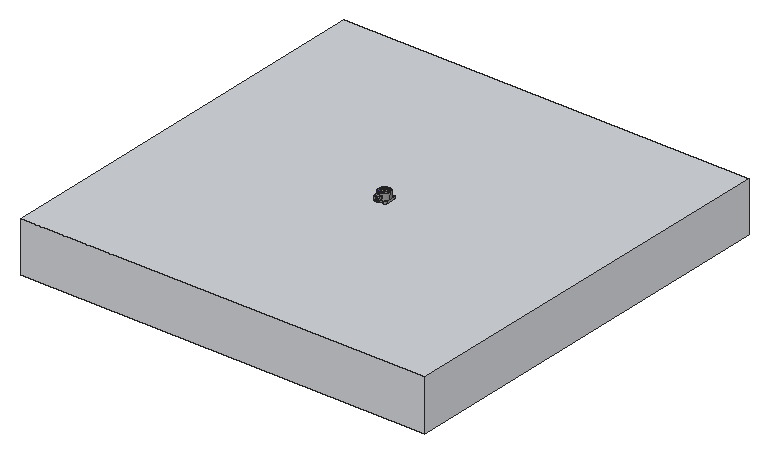
Revit family "Hekatron_Feststellanlagen_THM 425-1_DE_22.01", category Brandmelder, Revit 2018
Family settings
  Basisbauteil = Fläche
  Beschriftungsausrichtung beibehalten = Nein
  Bemaßung runder Anschluss = Durchmesser verwenden
  Teiletyp = Normal
  Beim Laden mit Abzugskörper schneiden = Nein
  Gemeinsam genutzt = Nein
  Raumberechnungspunkt = Nein
Parameters (values of type "THM 425-1")
  Zulässige Umgebungstemperatur = "0 °C bis +50 °C"
  Zulässige Luftgeschwindigkeit = ""
  Zulassungen nach EN 54 = ""
  Width [instance] = 75 mm
  Version des BIM Objektes = "22.01"
  VdS-Anerkennung = ""
  URL = "https://www.hekatron-brandschutz.de"
  UB A&S Artikel Nummer = "6500020"
  Typenkommentare = "Türhaftmagnet THM 425-1"
  Tiefe (mm) = "75.0"
  Stromaufnahme = "max. 63mA"
  Schutzart = "IP 40"
  Rauchteil einstellbar = ""
  Nettogewicht (g) = ""
  Montageart = "Aufputz"
  Modell = "THM 425-1"
  Material = "Metall"
  Link zum Datenblatt = ""
  Link zu ausschreiben.de = "http://www.ausschreiben.de/katalog/Hekatron/position/62"
  Link zu Produktinformation = "https://www.hekatron-planungstools.de/Produktinfo/THM_425-1.PDF"
  Link zu Ausschreibungstext = "https://www.meinhplus.de/login"
  Leistungserklärung (DoP) = "CPR-31-13-501-de-en"
  Lautstärke DIN-Ton (dB) = ""
  Kabeleinführung = "unten"
  Höhe (mm) = "97.0"
  Hersteller = "Hekatron"
  Heigth [instance] = 97.1 mm
  Funktionsprinzip = ""
  Farbe = "Metall / Schwarz"
  Ex-Zonen = ""
  Einstellung Temperaturklasse nach EN 54-5 = ""
  Einstellung Temperaturindex nach EN 54-5 = ""
  Einstellung Rauchempfindlichkeit nach EN 54-20 = ""
  Einstellen Rauchempfindlichkeit nach EN 54-7 = ""
  EG-Konformitätszertifikat / Zertifikat der Leistungsbeständigkeit = "0786-CPR-21370"
  Durchmesser (mm) = ""
  Depth [instance] = 43.3 mm
  Vorgabe-Ansicht = 1200 mm
  Breite (mm) = "43.0"
  Betriebsspannung = "24 V DC"
  Beschreibung = "Türhaftmagnet in runder Bauform mit verdeckten Anschlussklemmen. Mit Verpolschutz und Löschdiode. Passend zur Ankerplatte ASS 75."
  Bauartgenehmigungen = "Z-6.500-2405, Z-6.500-2325, Z-6.500-2359, Z-6.500-2393, Z-6.500-2394, Z-6.500-2414, Z-6.500-2415, Z-6.500-2407, Z-6.500-2365, Z-6.500-2403, Z-6.500-2419, Z-6.500-2298, Z-6.500-2442, Z-6.500-2444, Z-6.500-2451, Z-6.500-2452, Z-6.500-2454, Z-6.500-2459, Z-6.500-2499, Z-6.500-2515"
  Anzahl Ansaugleitungen = ""
  Ansprechtemperatur = ""
  Alarm- & Empfindlichkeitsbereich = ""
Reference planes
  plane 1 "Center (Front/Back)": y = 0
  plane 2: z = 0
  plane 3 "Center (Left/Right)": x = 0
Forms (mm)
  Extrusion 1, solid
    sketch origin (0, 0, 0) x (1, 0, 0) y (0, 1, 0)
      loop
        line (-1219.2, 1219.2) -> (-1219.2, -1219.2) -> (1219.2, -1219.2) -> (1219.2, 1219.2) -> (-1219.2, 1219.2)
    from 0 to -304.8
  Extrusion 2, solid, material "Steel, Carbon"
    sketch origin (0, 0, 0) x (1, 0, 0) y (0, 1, 0)
      loop
        arc (-30, 37.5) -> (-35.303, 35.303) -> (-37.5, 30) r 7.5
        line (-37.5, 30) -> (-37.5, -30)
        arc (-37.5, -30) -> (-35.303, -35.303) -> (-30, -37.5) r 7.5
        line (-30, -37.5) -> (30, -37.5)
        arc (30, -37.5) -> (35.303, -35.303) -> (37.5, -30) r 7.5
        line (37.5, -30) -> (37.5, 30)
        arc (37.5, 30) -> (35.303, 35.303) -> (30, 37.5) r 7.5
        line (30, 37.5) -> (-30, 37.5)
      loop
        circle (0, 0) r 13
      loop
        circle (-30, 30) r 2.75
      loop
        circle (30, 30) r 2.75
      loop
        circle (-30, -30) r 2.75
      loop
        circle (30, -30) r 2.75
      loop
        circle (-19.053, 11) r 2.25
      loop
        circle (19.053, 11) r 2.25
      loop
        circle (0, -22) r 2.25
      loop
        circle (0, 28) r 2.25
      loop
        circle (-24.249, -14) r 2.25
      loop
        circle (24.249, -14) r 2.25
    from 0.8 to 8
  Extrusion 3, solid, material "Steel, Carbon"
    sketch origin (0, 0, 0) x (1, 0, 0) y (0, 1, 0)
      loop
        arc (-24.7, 24.693) -> (-24.983, 35.575) -> (-35.834, 34.713) r 7.5
        arc (-35.834, 34.713) -> (-35.017, 24.425) -> (-24.7, 24.693) r 7.5
      loop
        circle (-30, 30) r 2.75
      loop
        arc (24.7, 24.693) -> (35.017, 24.425) -> (35.834, 34.713) r 7.5
        arc (35.834, 34.713) -> (24.983, 35.575) -> (24.7, 24.693) r 7.5
      loop
        circle (30, 30) r 2.75
      loop
        arc (-24.7, -24.693) -> (-35.017, -24.425) -> (-35.834, -34.713) r 7.5
        arc (-35.834, -34.713) -> (-24.983, -35.575) -> (-24.7, -24.693) r 7.5
      loop
        circle (-30, -30) r 2.75
      loop
        arc (24.7, -24.693) -> (24.983, -35.575) -> (35.834, -34.713) r 7.5
        arc (35.834, -34.713) -> (35.017, -24.425) -> (24.7, -24.693) r 7.5
      loop
        circle (30, -30) r 2.75
    from 0 to 0.8
  Extrusion 4, void
    sketch origin (0, 0, 0) x (1, 0, 0) y (0, 1, 0)
      loop
        arc (-22.959, 27.416) -> (-23.028, 25.911) -> (-22.219, 24.639) r 2.5
        line (-22.219, 24.639) -> (-16.095, 19.5)
        arc (-16.095, 19.5) -> (-13.003, 17.664) -> (-10.877, 14.764) r 9
        arc (-10.877, 14.764) -> (-9.394, 13.436) -> (-7.411, 13.613) r 2.5
        arc (-7.411, 13.613) -> (-6.518, 14.063) -> (-5.597, 14.454) r 15.5
        arc (-5.597, 14.454) -> (-4.438, 15.372) -> (-4, 16.785) r 2.5
        line (-4, 16.785) -> (-4, 18.513)
        arc (-4, 18.513) -> (-4.288, 19.679) -> (-5.087, 20.576) r 2.5
        arc (-5.087, 20.576) -> (-8.298, 24.515) -> (-8.863, 29.565) r 9
        arc (-8.863, 29.565) -> (-9.409, 31.607) -> (-11.325, 32.5) r 2.5
        line (-11.325, 32.5) -> (-20, 32.5)
        arc (-20, 32.5) -> (-21.768, 31.768) -> (-22.5, 30) r 2.5
        arc (-22.5, 30) -> (-22.616, 28.688) -> (-22.959, 27.416) r 7.5
      loop
        arc (-30, 22.5) -> (-31.768, 21.768) -> (-32.5, 20) r 2.5
        line (-32.5, 20) -> (-32.5, -4.041)
        arc (-32.5, -4.041) -> (-31.25, -6.207) -> (-28.75, -6.206) r 2.5
        arc (-28.75, -6.206) -> (-24.363, -5.001) -> (-19.947, -6.094) r 9
        arc (-19.947, -6.094) -> (-18.721, -6.398) -> (-17.502, -6.064) r 2.5
        line (-17.502, -6.064) -> (-16.447, -5.454)
        arc (-16.447, -5.454) -> (-15.426, -4.335) -> (-15.239, -2.832) r 2.5
        arc (-15.239, -2.832) -> (-15.416, -1.616) -> (-15.495, -0.389) r 15.5
        arc (-15.495, -0.389) -> (-16.333, 1.417) -> (-18.224, 2.038) r 2.5
        arc (-18.224, 2.038) -> (-25.117, 4.35) -> (-28.053, 11) r 9
        arc (-28.053, 11) -> (-27.381, 14.412) -> (-25.466, 17.314) r 9
        arc (-25.466, 17.314) -> (-24.934, 18.12) -> (-24.748, 19.068) r 2.5
        arc (-24.748, 19.068) -> (-24.982, 20.125) -> (-25.641, 20.983) r 2.5
        line (-25.641, 20.983) -> (-26.887, 22.029)
        arc (-26.887, 22.029) -> (-27.819, 22.521) -> (-28.871, 22.586) r 2.5
        arc (-28.871, 22.586) -> (-29.434, 22.521) -> (-30, 22.5) r 7.5
      loop
        arc (-22.987, -22.911) -> (-24.151, -23.508) -> (-24.697, -24.697) r 2
        arc (-24.697, -24.697) -> (-23.071, -27.13) -> (-22.5, -30) r 7.5
        arc (-22.5, -30) -> (-21.768, -31.768) -> (-20, -32.5) r 2.5
        line (-20, -32.5) -> (-7.986, -32.5)
        arc (-7.986, -32.5) -> (-6.313, -31.858) -> (-5.5, -30.261) r 2.5
        arc (-5.5, -30.261) -> (-5.698, -29.286) -> (-6.261, -28.465) r 2.5
        arc (-6.261, -28.465) -> (-8.287, -25.511) -> (-9, -22) r 9
        arc (-9, -22) -> (-8.577, -19.273) -> (-7.347, -16.802) r 9
        arc (-7.347, -16.802) -> (-7.005, -16.116) -> (-6.888, -15.358) r 2.5
        arc (-6.888, -15.358) -> (-7.207, -14.135) -> (-8.084, -13.225) r 2.5
        arc (-8.084, -13.225) -> (-9.107, -12.543) -> (-10.072, -11.781) r 15.5
        arc (-10.072, -11.781) -> (-11.468, -11.192) -> (-12.947, -11.516) r 2.5
        line (-12.947, -11.516) -> (-14.002, -12.126)
        arc (-14.002, -12.126) -> (-14.901, -13.014) -> (-15.252, -14.228) r 2.5
        arc (-15.252, -14.228) -> (-17.528, -19.986) -> (-22.987, -22.911) r 9
      loop
        arc (22.959, 27.416) -> (22.616, 28.688) -> (22.5, 30) r 7.5
        arc (22.5, 30) -> (21.768, 31.768) -> (20, 32.5) r 2.5
        line (20, 32.5) -> (11.325, 32.5)
        arc (11.325, 32.5) -> (9.409, 31.607) -> (8.863, 29.565) r 2.5
        arc (8.863, 29.565) -> (8.298, 24.515) -> (5.087, 20.576) r 9
        arc (5.087, 20.576) -> (4.288, 19.679) -> (4, 18.513) r 2.5
        line (4, 18.513) -> (4, 16.785)
        arc (4, 16.785) -> (4.438, 15.372) -> (5.597, 14.454) r 2.5
        arc (5.597, 14.454) -> (6.518, 14.063) -> (7.411, 13.613) r 15.5
        arc (7.411, 13.613) -> (9.394, 13.436) -> (10.877, 14.764) r 2.5
        arc (10.877, 14.764) -> (13.003, 17.664) -> (16.095, 19.5) r 9
        line (16.095, 19.5) -> (22.219, 24.639)
        arc (22.219, 24.639) -> (23.028, 25.911) -> (22.959, 27.416) r 2.5
      loop
        arc (30, 22.5) -> (29.434, 22.521) -> (28.871, 22.586) r 7.5
        arc (28.871, 22.586) -> (27.819, 22.521) -> (26.887, 22.029) r 2.5
        line (26.887, 22.029) -> (25.641, 20.983)
        arc (25.641, 20.983) -> (24.982, 20.125) -> (24.748, 19.068) r 2.5
        arc (24.748, 19.068) -> (24.934, 18.12) -> (25.466, 17.314) r 2.5
        arc (25.466, 17.314) -> (27.381, 14.412) -> (28.053, 11) r 9
        arc (28.053, 11) -> (25.117, 4.35) -> (18.224, 2.038) r 9
        arc (18.224, 2.038) -> (16.333, 1.417) -> (15.495, -0.389) r 2.5
        arc (15.495, -0.389) -> (15.416, -1.616) -> (15.239, -2.832) r 15.5
        arc (15.239, -2.832) -> (15.426, -4.335) -> (16.447, -5.454) r 2.5
        line (16.447, -5.454) -> (17.502, -6.064)
        arc (17.502, -6.064) -> (18.721, -6.398) -> (19.947, -6.094) r 2.5
        arc (19.947, -6.094) -> (24.363, -5.001) -> (28.75, -6.206) r 9
        arc (28.75, -6.206) -> (31.25, -6.207) -> (32.5, -4.041) r 2.5
        line (32.5, -4.041) -> (32.5, 20)
        arc (32.5, 20) -> (31.768, 21.768) -> (30, 22.5) r 2.5
      loop
        arc (22.987, -22.911) -> (17.528, -19.986) -> (15.252, -14.228) r 9
        arc (15.252, -14.228) -> (14.901, -13.014) -> (14.002, -12.126) r 2.5
        line (14.002, -12.126) -> (12.947, -11.516)
        arc (12.947, -11.516) -> (11.468, -11.192) -> (10.072, -11.781) r 2.5
        arc (10.072, -11.781) -> (9.107, -12.543) -> (8.084, -13.225) r 15.5
        arc (8.084, -13.225) -> (7.207, -14.135) -> (6.888, -15.358) r 2.5
        arc (6.888, -15.358) -> (7.005, -16.116) -> (7.347, -16.802) r 2.5
        arc (7.347, -16.802) -> (8.577, -19.273) -> (9, -22) r 9
        arc (9, -22) -> (8.287, -25.511) -> (6.261, -28.465) r 9
        arc (6.261, -28.465) -> (5.698, -29.286) -> (5.5, -30.261) r 2.5
        arc (5.5, -30.261) -> (6.313, -31.858) -> (7.986, -32.5) r 2.5
        line (7.986, -32.5) -> (20, -32.5)
        arc (20, -32.5) -> (21.768, -31.768) -> (22.5, -30) r 2.5
        arc (22.5, -30) -> (23.071, -27.13) -> (24.697, -24.697) r 7.5
        arc (24.697, -24.697) -> (24.151, -23.508) -> (22.987, -22.911) r 2
    from 0 to 3
  Blend 5, void
    base sketch origin (0, 0, 0) x (1, 0, 0) y (0, 1, 0)
      loop
        circle (-30, 30) r 5.25
    top sketch origin (0, 0, 0) x (1, 0, 0) y (0, 1, 0)
      loop
        circle (-30, 30) r 2.75
    from 8 to 5.5
  Blend 6, void
    base sketch origin (0, 0, 0) x (-1, 0, 0) y (0, -1, 0)
      loop
        circle (-30, -30) r 5.25
    top sketch origin (0, 0, 0) x (-1, 0, 0) y (0, -1, 0)
      loop
        circle (-30, -30) r 2.75
    from 8 to 5.5
  Blend 7, void
    base sketch origin (0, 0, 0) x (1, 0, 0) y (0, 1, 0)
      loop
        circle (-30, -30) r 5.25
    top sketch origin (0, 0, 0) x (1, 0, 0) y (0, 1, 0)
      loop
        circle (-30, -30) r 2.75
    from 8 to 5.5
  Blend 8, void
    base sketch origin (0, 0, 0) x (-1, 0, 0) y (0, -1, 0)
      loop
        circle (-30, 30) r 5.25
    top sketch origin (0, 0, 0) x (-1, 0, 0) y (0, -1, 0)
      loop
        circle (-30, 30) r 2.75
    from 8 to 5.5
  Blend 9, void
    base sketch origin (19.053, -33, 0) x (1, 0, 0) y (0, 1, 0)
      loop
        circle (-19.053, 11) r 4.35
    top sketch origin (19.053, -33, 0) x (1, 0, 0) y (0, 1, 0)
      loop
        circle (-19.053, 11) r 2.25
    from 0.8 to 2.9
  Blend 10, void
    base sketch origin (0, 0, 0) x (-1, 0, 0) y (0, -1, 0)
      loop
        circle (-19.053, -11) r 4.35
    top sketch origin (0, 0, 0) x (-1, 0, 0) y (0, -1, 0)
      loop
        circle (-19.053, -11) r 2.25
    from 0.8 to 2.9
  Blend 11, void
    base sketch origin (0, 0, 0) x (1, 0, 0) y (0, 1, 0)
      loop
        circle (-19.053, 11) r 4.35
    top sketch origin (0, 0, 0) x (1, 0, 0) y (0, 1, 0)
      loop
        circle (-19.053, 11) r 2.25
    from 0.8 to 2.9
  Extrusion 12, solid, material "Stainless Steel"
    sketch origin (0, 0, 0) x (1, 0, 0) y (0, 1, 0)
      loop
        circle (0, 0) r 35
      loop
        circle (0, 0) r 30
    from 8 to 43.1
  Extrusion 13, solid, material "Neodymium"
    sketch origin (0, 0, 0) x (1, 0, 0) y (0, 1, 0)
      loop
        circle (0, 0) r 30
      loop
        circle (0, 0) r 18.25
    from 8 to 42.6
  Extrusion 14, solid, material "Silver"
    sketch origin (0, 0, 0) x (1, 0, 0) y (0, 1, 0)
      loop
        circle (0, 0) r 18.25
    from 8 to 43.1
  Extrusion 15, solid, material "Brass, Soft Yellow"
    sketch origin (0, 0, 0) x (1, 0, 0) y (0, 1, 0)
      loop
        circle (0, 0) r 2.45
    from 42.6 to 43.3
  Blend 16, void
    base sketch origin (19.053, 17, 0) x (1, 0, 0) y (0, 1, 0)
      loop
        circle (-19.053, 11) r 4.35
    top sketch origin (19.053, 17, 0) x (1, 0, 0) y (0, 1, 0)
      loop
        circle (-19.053, 11) r 2.25
    from 0.8 to 2.9
  Blend 17, void
    base sketch origin (-5.196, -25, 0) x (1, 0, 0) y (0, 1, 0)
      loop
        circle (-19.053, 11) r 4.35
    top sketch origin (-5.196, -25, 0) x (1, 0, 0) y (0, 1, 0)
      loop
        circle (-19.053, 11) r 2.25
    from 0.8 to 2.9
  Blend 18, void
    base sketch origin (5.196, -25, 0) x (-1, 0, 0) y (0, -1, 0)
      loop
        circle (-19.053, -11) r 4.35
    top sketch origin (5.196, -25, 0) x (-1, 0, 0) y (0, -1, 0)
      loop
        circle (-19.053, -11) r 2.25
    from 0.8 to 2.9
  Extrusion 19, void
    sketch origin (0, 0, 0) x (1, 0, 0) y (0, 1, 0)
      loop
        circle (0, 0) r 3.45
    from 0 to 17.3
  Extrusion 20, void
    sketch origin (0, 0, 0) x (1, 0, 0) y (0, 1, 0)
      loop
        circle (0, 0) r 3.08
    from 42.6 to 47.871
  Extrusion 21, solid, material "Stainless Steel"
    sketch origin (0, 0, 0) x (1, 0, 0) y (0, 1, 0)
      loop
        arc (-21.114, 28.227) -> (-35.25, 0) -> (-21.114, -28.227) r 35.25
        line (-21.114, -28.227) -> (-20.635, -27.586)
        arc (-20.635, -27.586) -> (-34.45, 0) -> (-20.635, 27.586) r 34.45
        line (-20.635, 27.586) -> (-21.114, 28.227)
    from 16.6 to 35.6
  Extrusion 22, solid, material "Stainless Steel"
    sketch origin (0, 0, 0) x (1, 0, 0) y (0, 0, 1)
      loop
        line (-17, 32.2) -> (-17, 17.2)
        arc (-17, 17.2) -> (-16.121, 15.079) -> (-14, 14.2) r 3
        line (-14, 14.2) -> (9.5, 14.2)
        arc (9.5, 14.2) -> (11.621, 15.079) -> (12.5, 17.2) r 3
        line (12.5, 17.2) -> (12.5, 32.2)
        arc (12.5, 32.2) -> (11.621, 34.321) -> (9.5, 35.2) r 3
        line (9.5, 35.2) -> (-14, 35.2)
        arc (-14, 35.2) -> (-16.121, 34.321) -> (-17, 32.2) r 3
    from 30.261 to 40
  Extrusion 23, void
    sketch origin (0, 0, 0) x (1, 0, 0) y (0, 1, 0)
      loop
        circle (0, 0) r 35
      loop
        circle (0, 0) r 30
    from 8 to 43.1
  Extrusion 24, solid, material "PC/ABS Plastic"
    sketch origin (0, 0, 0) x (1, 0, 0) y (0, 0, 1)
      loop
        arc (-15, 35.7) -> (-16.768, 34.968) -> (-17.5, 33.2) r 2.5
        line (-17.5, 33.2) -> (-17.5, 16.2)
        arc (-17.5, 16.2) -> (-16.768, 14.432) -> (-15, 13.7) r 2.5
        line (-15, 13.7) -> (10.5, 13.7)
        arc (10.5, 13.7) -> (12.268, 14.432) -> (13, 16.2) r 2.5
        line (13, 16.2) -> (13, 33.2)
        arc (13, 33.2) -> (12.268, 34.968) -> (10.5, 35.7) r 2.5
        line (10.5, 35.7) -> (-15, 35.7)
    from 40 to 59.3
  Sweep 25, void
    path in 3D
      loop
        arc (-17.5, -59.3, 16.2) -> (-16.768, -59.3, 14.432) -> (-15, -59.3, 13.7) r 2.5
        line (-15, -59.3, 13.7) -> (10.5, -59.3, 13.7)
        arc (10.5, -59.3, 13.7) -> (12.268, -59.3, 14.432) -> (13, -59.3, 16.2) r 2.5
        line (13, -59.3, 16.2) -> (13, -59.3, 33.2)
        arc (13, -59.3, 33.2) -> (12.268, -59.3, 34.968) -> (10.5, -59.3, 35.7) r 2.5
        line (10.5, -59.3, 35.7) -> (-15, -59.3, 35.7)
        arc (-15, -59.3, 35.7) -> (-16.768, -59.3, 34.968) -> (-17.5, -59.3, 33.2) r 2.5
        line (-17.5, -59.3, 33.2) -> (-17.5, -59.3, 16.2)
    profile origin (-17.5, -59.3, 24.7) x (-1, 0, 0) y (0, -1, 0)
      loop
        line (0, -2.4) -> (0, 0) -> (-2.4, 0)
        arc (-2.4, 0) -> (-0.703, -0.703) -> (0, -2.4) r 2.4
  Extrusion 26, void
    sketch origin (0, 0, 0) x (0, 1, 0) y (0, 0, 1)
      loop
        arc (-44, 31.7) -> (-46, 29.7) -> (-44, 27.7) r 2
        line (-44, 27.7) -> (-41.5, 27.7)
        arc (-41.5, 27.7) -> (-40.439, 27.261) -> (-40, 26.2) r 1.5
        line (-40, 26.2) -> (-40, 33.2)
        arc (-40, 33.2) -> (-40.439, 32.139) -> (-41.5, 31.7) r 1.5
        line (-41.5, 31.7) -> (-44, 31.7)
      loop
        arc (-44, 21.7) -> (-46, 19.7) -> (-44, 17.7) r 2
        line (-44, 17.7) -> (-41.5, 17.7)
        arc (-41.5, 17.7) -> (-40.439, 17.261) -> (-40, 16.2) r 1.5
        line (-40, 16.2) -> (-40, 23.2)
        arc (-40, 23.2) -> (-40.439, 22.139) -> (-41.5, 21.7) r 1.5
        line (-41.5, 21.7) -> (-44, 21.7)
    from 11 to 23.179
  Extrusion 27, solid, material "Stainless Steel"
    sketch origin (0, 0, 0) x (1, 0, 0) y (0, 0, 1)
      loop
        line (9.5, 33.7) -> (-0.5, 33.7)
        arc (-0.5, 33.7) -> (-1.207, 33.407) -> (-1.5, 32.7) r 1
        line (-1.5, 32.7) -> (-1.5, 16.7)
        arc (-1.5, 16.7) -> (-1.207, 15.993) -> (-0.5, 15.7) r 1
        line (-0.5, 15.7) -> (9.5, 15.7)
        arc (9.5, 15.7) -> (10.207, 15.993) -> (10.5, 16.7) r 1
        line (10.5, 16.7) -> (10.5, 32.7)
        arc (10.5, 32.7) -> (10.207, 33.407) -> (9.5, 33.7) r 1
    from 59.3 to 59.6
  Blend 28, solid, material "Stainless Steel"
    base sketch origin (0, 0, 0) x (1, 0, 0) y (0, 1, 0)
      loop
        circle (0, 28) r 4.15
    top sketch origin (0, 0, 0) x (1, 0, 0) y (0, 1, 0)
      loop
        circle (0, 28) r 2.05
    from 0.8 to 2.9
  Extrusion 29, void
    sketch origin (0, 0, 0) x (1, 0, 0) y (0, 1, 0)
      loop
        line (0.515, 30.2) -> (-0.515, 30.2) -> (-0.515, 28.515) -> (-2.2, 28.515) -> (-2.2, 27.485) -> (-0.515, 27.485) -> (-0.515, 25.8) -> (0.515, 25.8) -> (0.515, 27.485) -> (2.2, 27.485) -> (2.2, 28.515) -> (0.515, 28.515) -> (0.515, 30.2)
    from 0 to 1.8
  Blend 30, solid, material "Stainless Steel"
    base sketch origin (-24.249, -42, 0) x (1, 0, 0) y (0, 1, 0)
      loop
        circle (0, 28) r 4.15
    top sketch origin (-24.249, -42, 0) x (1, 0, 0) y (0, 1, 0)
      loop
        circle (0, 28) r 2.05
    from 0.8 to 2.9
  Extrusion 31, void
    sketch origin (-24.249, -42, 0) x (1, 0, 0) y (0, 1, 0)
      loop
        line (0.515, 30.2) -> (-0.515, 30.2) -> (-0.515, 28.515) -> (-2.2, 28.515) -> (-2.2, 27.485) -> (-0.515, 27.485) -> (-0.515, 25.8) -> (0.515, 25.8) -> (0.515, 27.485) -> (2.2, 27.485) -> (2.2, 28.515) -> (0.515, 28.515) -> (0.515, 30.2)
    from 0 to 1.8
  Blend 32, solid, material "Stainless Steel"
    base sketch origin (24.249, -42, 0) x (-1, 0, 0) y (0, -1, 0)
      loop
        circle (0, -28) r 4.15
    top sketch origin (24.249, -42, 0) x (-1, 0, 0) y (0, -1, 0)
      loop
        circle (0, -28) r 2.05
    from 0.8 to 2.9
  Extrusion 33, void
    sketch origin (24.249, -42, 0) x (-1, 0, 0) y (0, -1, 0)
      loop
        line (0.515, -30.2) -> (0.515, -28.515) -> (2.2, -28.515) -> (2.2, -27.485) -> (0.515, -27.485) -> (0.515, -25.8) -> (-0.515, -25.8) -> (-0.515, -27.485) -> (-2.2, -27.485) -> (-2.2, -28.515) -> (-0.515, -28.515) -> (-0.515, -30.2) -> (0.515, -30.2)
    from 0 to 1.8
Cuts and joins
  Extrusion 4, Blend 5, Blend 6, Blend 7, Blend 8, Blend 9, Blend 10, Blend 11, Blend 16, Blend 17, Blend 18 cuts Extrusion 2
  joined: Extrusion 2, Extrusion 3
  Extrusion 19, Extrusion 20 cuts Extrusion 14
  Extrusion 23 cuts Extrusion 22
  Sweep 25, Extrusion 26 cuts Extrusion 24
  Extrusion 29, Extrusion 31 cuts Blend 28
  Extrusion 31, Extrusion 33 cuts Blend 30
  Extrusion 33 cuts Blend 32
Lines and regions (mm)
  sketch lines
    curve 1: line (-17.5, -59.3, 33.2) -> (-17.5, -59.3, 16.2)
    curve 2: arc (-17.5, -59.3, 33.2) -> (-16.768, -59.3, 34.968) -> (-15, -59.3, 35.7) r 2.5
    curve 3: line (10.5, -59.3, 35.7) -> (-15, -59.3, 35.7)
    curve 4: arc (10.5, -59.3, 35.7) -> (12.268, -59.3, 34.968) -> (13, -59.3, 33.2) r 2.5
    curve 5: line (13, -59.3, 16.2) -> (13, -59.3, 33.2)
    curve 6: arc (13, -59.3, 16.2) -> (12.268, -59.3, 14.432) -> (10.5, -59.3, 13.7) r 2.5
    curve 7: line (-15, -59.3, 13.7) -> (10.5, -59.3, 13.7)
    curve 8: arc (-15, -59.3, 13.7) -> (-16.768, -59.3, 14.432) -> (-17.5, -59.3, 16.2) r 2.5
Dimensions and locks
  "Width": cut or joined group 1 (Extrusion 2, Extrusion 3, Extrusion 4, Blend 5, Blend 6, Blend 7, Blend 8, Blend 9, Blend 10, Blend 11, Blend 16, Blend 17, Blend 18) to cut or joined group 1
  "Heigth": cut or joined group 1 to Extrusion 27
  "Depth": Extrusion 15 to Extrusion 1
  aligned and locked: plane 2 to Extrusion 1
  aligned and locked: level to Extrusion 1
Automatic sketch dimensions
  Extrusion 1 sketch curve to Extrusion 1 sketch curve = 2438.4 mm  (x2)
  Extrusion 2 sketch curve to Extrusion 2 sketch curve = 0 mm  (x38)
  plane 1 "Center (Front/Back)" to Extrusion 2 sketch curve = 0 mm
  Extrusion 2 sketch curve to plane 3 "Center (Left/Right)" = 0 mm  (x3)
  Extrusion 2 sketch curve to plane 3 "Center (Left/Right)" = 19.053 mm
  Extrusion 2 sketch curve to plane 3 "Center (Left/Right)" = 24.249 mm
  Extrusion 2 sketch curve to Extrusion 2 sketch curve = 10.947 mm  (x2)
  Extrusion 2 sketch curve to Extrusion 2 sketch curve = 5.751 mm  (x2)
  Extrusion 2 sketch curve to Extrusion 2 sketch curve = 7.5 mm  (x2)
  plane 3 "Center (Left/Right)" to Extrusion 2 sketch curve = 19.053 mm
  plane 3 "Center (Left/Right)" to Extrusion 2 sketch curve = 24.249 mm
  plane 1 "Center (Front/Back)" to Extrusion 2 sketch curve = 14 mm  (x2)
  plane 1 "Center (Front/Back)" to Extrusion 2 sketch curve = 22 mm
  Extrusion 2 sketch curve to Extrusion 2 sketch curve = 16 mm
  Extrusion 2 sketch curve to plane 1 "Center (Front/Back)" = 11 mm  (x2)
  Extrusion 2 sketch curve to Extrusion 2 sketch curve = 17 mm
  Extrusion 2 sketch curve to Extrusion 2 sketch curve = 19 mm
  Extrusion 2 sketch curve to Extrusion 2 sketch curve = 2.25 mm  (x6)
  Extrusion 2 sketch curve to Extrusion 2 sketch curve = 6.053 mm
  Extrusion 2 sketch curve to Extrusion 2 sketch curve = 2.75 mm  (x4)
  Extrusion 3 sketch curve to Extrusion 3 sketch curve = 0 mm  (x48)
  Extrusion 3 sketch curve to plane 3 "Center (Left/Right)" = 30 mm  (x2)
  plane 3 "Center (Left/Right)" to Extrusion 3 sketch curve = 30 mm  (x2)
  plane 1 "Center (Front/Back)" to Extrusion 3 sketch curve = 30 mm  (x2)
  Extrusion 3 sketch curve to plane 1 "Center (Front/Back)" = 30 mm  (x2)
  Extrusion 3 sketch curve to Extrusion 3 sketch curve = 2.75 mm  (x4)
  Extrusion 3 sketch curve to Extrusion 3 sketch curve = 3.084 mm  (x4)
  Extrusion 3 sketch curve to Extrusion 3 sketch curve = 2.55 mm  (x2)
  Extrusion 3 sketch curve to Extrusion 3 sketch curve = 5.3 mm  (x2)
  Extrusion 3 sketch curve to Extrusion 3 sketch curve = 4.713 mm  (x2)
  Extrusion 3 sketch curve to Extrusion 3 sketch curve = 5.307 mm  (x2)
  Extrusion 4 sketch curve to Extrusion 4 sketch curve = 0 mm  (x103)
  plane 1 "Center (Front/Back)" to Extrusion 4 sketch curve = 0 mm
  Extrusion 4 sketch curve to plane 3 "Center (Left/Right)" = 0 mm  (x3)
  Extrusion 4 sketch curve to plane 3 "Center (Left/Right)" = 4 mm
  Extrusion 4 sketch curve to Extrusion 4 sketch curve = 2.5 mm  (x8)
  Extrusion 4 sketch curve to plane 3 "Center (Left/Right)" = 7.986 mm
  Extrusion 4 sketch curve to Extrusion 4 sketch curve = 0.014 mm  (x2)
  Extrusion 4 sketch curve to Extrusion 4 sketch curve = 2.106 mm  (x2)
  Extrusion 4 sketch curve to plane 3 "Center (Left/Right)" = 9.388 mm
  Extrusion 4 sketch curve to plane 3 "Center (Left/Right)" = 11.325 mm
  Extrusion 4 sketch curve to Extrusion 4 sketch curve = 2.309 mm  (x2)
  Extrusion 4 sketch curve to Extrusion 4 sketch curve = 1.055 mm  (x8)
  Extrusion 4 sketch curve to Extrusion 4 sketch curve = 1.25 mm  (x4)
  Extrusion 4 sketch curve to Extrusion 4 sketch curve = 7.488 mm  (x2)
  plane 1 "Center (Front/Back)" to Extrusion 4 sketch curve = 5.454 mm  (x2)
  Extrusion 4 sketch curve to Extrusion 4 sketch curve = 3.5 mm  (x2)
  plane 1 "Center (Front/Back)" to Extrusion 4 sketch curve = 6.064 mm  (x2)
  plane 1 "Center (Front/Back)" to Extrusion 4 sketch curve = 0.451 mm  (x2)
  Extrusion 4 sketch curve to Extrusion 4 sketch curve = 0.297 mm  (x2)
  Extrusion 4 sketch curve to Extrusion 4 sketch curve = 2.958 mm  (x2)
  Extrusion 4 sketch curve to Extrusion 4 sketch curve = 8.675 mm  (x2)
  Extrusion 4 sketch curve to Extrusion 4 sketch curve = 12.014 mm
  Extrusion 4 sketch curve to Extrusion 4 sketch curve = 0.612 mm  (x2)
  Extrusion 4 sketch curve to Extrusion 4 sketch curve = 1.607 mm  (x4)
  Extrusion 4 sketch curve to Extrusion 4 sketch curve = 2.706 mm  (x2)
  Extrusion 4 sketch curve to Extrusion 4 sketch curve = 10.246 mm
  Extrusion 4 sketch curve to Extrusion 4 sketch curve = 3.421 mm  (x2)
  Extrusion 4 sketch curve to Extrusion 4 sketch curve = 1.247 mm  (x4)
  Extrusion 4 sketch curve to Extrusion 4 sketch curve = 1.506 mm
  plane 1 "Center (Front/Back)" to Extrusion 4 sketch curve = 4.041 mm  (x2)
  Extrusion 4 sketch curve to Extrusion 4 sketch curve = 11.248 mm  (x2)
  Extrusion 4 sketch curve to Extrusion 4 sketch curve = 7.294 mm  (x2)
  plane 3 "Center (Left/Right)" to Extrusion 4 sketch curve = 4 mm
  plane 3 "Center (Left/Right)" to Extrusion 4 sketch curve = 7.986 mm
  plane 3 "Center (Left/Right)" to Extrusion 4 sketch curve = 9.388 mm
  plane 3 "Center (Left/Right)" to Extrusion 4 sketch curve = 11.325 mm
  Extrusion 4 sketch curve to Extrusion 4 sketch curve = 12 mm
  Extrusion 4 sketch curve to Extrusion 4 sketch curve = 6.746 mm
  Extrusion 4 sketch curve to Extrusion 4 sketch curve = 3.113 mm
  Extrusion 4 sketch curve to Extrusion 4 sketch curve = 6.062 mm  (x2)
  Extrusion 4 sketch curve to Extrusion 4 sketch curve = 0.609 mm  (x6)
  Extrusion 4 sketch curve to Extrusion 4 sketch curve = 2.165 mm  (x4)
  Extrusion 4 sketch curve to Extrusion 4 sketch curve = 1.874 mm
  Extrusion 4 sketch curve to Extrusion 4 sketch curve = 7.936 mm
  Extrusion 4 sketch curve to Extrusion 4 sketch curve = 1.677 mm  (x2)
  Extrusion 4 sketch curve to Extrusion 4 sketch curve = 6.642 mm
  Extrusion 4 sketch curve to Extrusion 4 sketch curve = 10.891 mm  (x2)
  Extrusion 4 sketch curve to Extrusion 4 sketch curve = 5.109 mm  (x2)
  Extrusion 4 sketch curve to Extrusion 4 sketch curve = 8 mm  (x2)
  Extrusion 4 sketch curve to Extrusion 4 sketch curve = 0.261 mm  (x2)
  Extrusion 4 sketch curve to plane 1 "Center (Front/Back)" = 11 mm  (x2)
  Extrusion 4 sketch curve to Extrusion 4 sketch curve = 4.809 mm  (x2)
  Extrusion 4 sketch curve to Extrusion 4 sketch curve = 0.976 mm  (x2)
  Extrusion 4 sketch curve to Extrusion 4 sketch curve = 1.728 mm  (x2)
  Extrusion 4 sketch curve to Extrusion 4 sketch curve = 8.068 mm  (x2)
  Extrusion 4 sketch curve to Extrusion 4 sketch curve = 3.691 mm  (x2)
  Extrusion 4 sketch curve to Extrusion 4 sketch curve = 0.932 mm  (x2)
  Extrusion 4 sketch curve to Extrusion 4 sketch curve = 0.114 mm  (x2)
  Extrusion 4 sketch curve to Extrusion 4 sketch curve = 1.915 mm  (x4)
  Extrusion 4 sketch curve to Extrusion 4 sketch curve = 1.046 mm  (x2)
  Extrusion 4 sketch curve to Extrusion 4 sketch curve = 3.656 mm  (x2)
  Extrusion 4 sketch curve to Extrusion 4 sketch curve = 9.487 mm
  Extrusion 4 sketch curve to Extrusion 4 sketch curve = 3.446 mm
  Extrusion 4 sketch curve to Extrusion 4 sketch curve = 7.5 mm  (x2)
  Extrusion 4 sketch curve to Extrusion 4 sketch curve = 0.459 mm  (x2)
  Blend 5 sketch curve to Blend 5 sketch curve = 0 mm  (x4)
  Blend 5 sketch curve to plane 3 "Center (Left/Right)" = 30 mm  (x2)
  Blend 5 sketch curve to plane 1 "Center (Front/Back)" = 30 mm  (x2)
  Blend 5 sketch curve to Blend 5 sketch curve = 5.25 mm
  Blend 5 sketch curve to Blend 5 sketch curve = 2.75 mm
  Blend 6 sketch curve to Blend 6 sketch curve = 0 mm  (x4)
  plane 3 "Center (Left/Right)" to Blend 6 sketch curve = 30 mm
  Blend 6 sketch curve to plane 1 "Center (Front/Back)" = 30 mm
  Blend 6 sketch curve to Blend 6 sketch curve = 5.25 mm
  Blend 6 sketch curve to plane 3 "Center (Left/Right)" = 30 mm
  plane 1 "Center (Front/Back)" to Blend 6 sketch curve = 30 mm
  Blend 6 sketch curve to Blend 6 sketch curve = 2.75 mm
  Blend 7 sketch curve to Blend 7 sketch curve = 0 mm  (x4)
  Blend 7 sketch curve to plane 3 "Center (Left/Right)" = 30 mm
  plane 1 "Center (Front/Back)" to Blend 7 sketch curve = 30 mm
  Blend 7 sketch curve to Blend 7 sketch curve = 5.25 mm
  plane 3 "Center (Left/Right)" to Blend 7 sketch curve = 30 mm
  Blend 7 sketch curve to plane 1 "Center (Front/Back)" = 30 mm
  Blend 7 sketch curve to Blend 7 sketch curve = 2.75 mm
  Blend 8 sketch curve to Blend 8 sketch curve = 0 mm  (x4)
  plane 3 "Center (Left/Right)" to Blend 8 sketch curve = 30 mm  (x2)
  plane 1 "Center (Front/Back)" to Blend 8 sketch curve = 30 mm  (x2)
  Blend 8 sketch curve to Blend 8 sketch curve = 5.25 mm
  Blend 8 sketch curve to Blend 8 sketch curve = 2.75 mm
  Blend 9 sketch curve to Blend 9 sketch curve = 0 mm  (x4)
  Blend 9 sketch curve to plane 3 "Center (Left/Right)" = 0 mm  (x2)
  plane 1 "Center (Front/Back)" to Blend 9 sketch curve = 22 mm  (x2)
  Blend 9 sketch curve to plane 3 "Center (Left/Right)" = 4.35 mm
  Blend 9 sketch curve to plane 3 "Center (Left/Right)" = 2.25 mm
  Blend 10 sketch curve to Blend 10 sketch curve = 0 mm  (x4)
  Blend 10 sketch curve to plane 3 "Center (Left/Right)" = 19.053 mm  (x2)
  plane 1 "Center (Front/Back)" to Blend 10 sketch curve = 11 mm  (x2)
  Blend 10 sketch curve to Blend 10 sketch curve = 4.35 mm
  Blend 10 sketch curve to Blend 10 sketch curve = 2.25 mm
  Blend 11 sketch curve to Blend 11 sketch curve = 0 mm  (x4)
  Blend 11 sketch curve to plane 3 "Center (Left/Right)" = 19.053 mm  (x2)
  Blend 11 sketch curve to plane 1 "Center (Front/Back)" = 11 mm  (x2)
  Blend 11 sketch curve to Blend 11 sketch curve = 4.35 mm
  Blend 11 sketch curve to Blend 11 sketch curve = 2.25 mm
  Extrusion 12 sketch curve to Extrusion 12 sketch curve = 0 mm  (x12)
  plane 1 "Center (Front/Back)" to Extrusion 12 sketch curve = 0 mm
  Extrusion 12 sketch curve to plane 3 "Center (Left/Right)" = 0 mm
  Extrusion 12 sketch curve to Extrusion 12 sketch curve = 30 mm
  Extrusion 12 sketch curve to Extrusion 12 sketch curve = 5 mm
  Extrusion 13 sketch curve to Extrusion 13 sketch curve = 0 mm  (x12)
  plane 1 "Center (Front/Back)" to Extrusion 13 sketch curve = 0 mm
  Extrusion 13 sketch curve to plane 3 "Center (Left/Right)" = 0 mm
  Extrusion 13 sketch curve to Extrusion 13 sketch curve = 18.25 mm
  Extrusion 13 sketch curve to Extrusion 13 sketch curve = 11.75 mm
  Extrusion 14 sketch curve to Extrusion 14 sketch curve = 0 mm  (x2)
  plane 1 "Center (Front/Back)" to Extrusion 14 sketch curve = 0 mm
  Extrusion 14 sketch curve to plane 3 "Center (Left/Right)" = 0 mm
  Extrusion 14 sketch curve to Extrusion 14 sketch curve = 18.25 mm
  Extrusion 15 sketch curve to Extrusion 15 sketch curve = 0 mm  (x2)
  plane 1 "Center (Front/Back)" to Extrusion 15 sketch curve = 0 mm
  Extrusion 15 sketch curve to plane 3 "Center (Left/Right)" = 0 mm
  Extrusion 15 sketch curve to Extrusion 15 sketch curve = 2.45 mm
  Blend 16 sketch curve to Blend 16 sketch curve = 0 mm  (x4)
  Blend 16 sketch curve to plane 3 "Center (Left/Right)" = 0 mm  (x2)
  Blend 16 sketch curve to plane 1 "Center (Front/Back)" = 28 mm  (x2)
  Blend 16 sketch curve to plane 3 "Center (Left/Right)" = 4.35 mm
  Blend 16 sketch curve to plane 3 "Center (Left/Right)" = 2.25 mm
  Blend 17 sketch curve to Blend 17 sketch curve = 0 mm  (x4)
  Blend 17 sketch curve to plane 3 "Center (Left/Right)" = 24.249 mm  (x2)
  plane 1 "Center (Front/Back)" to Blend 17 sketch curve = 14 mm  (x2)
  Blend 17 sketch curve to Blend 17 sketch curve = 4.35 mm
  Blend 17 sketch curve to Blend 17 sketch curve = 2.25 mm
  Blend 18 sketch curve to Blend 18 sketch curve = 0 mm  (x4)
  plane 3 "Center (Left/Right)" to Blend 18 sketch curve = 24.249 mm
  plane 1 "Center (Front/Back)" to Blend 18 sketch curve = 14 mm
  Blend 18 sketch curve to Blend 18 sketch curve = 4.35 mm
  Blend 18 sketch curve to plane 3 "Center (Left/Right)" = 24.249 mm
  Blend 18 sketch curve to plane 1 "Center (Front/Back)" = 14 mm
  Blend 18 sketch curve to Blend 18 sketch curve = 2.25 mm
  Extrusion 19 sketch curve to Extrusion 19 sketch curve = 0 mm  (x2)
  plane 1 "Center (Front/Back)" to Extrusion 19 sketch curve = 0 mm
  Extrusion 19 sketch curve to plane 3 "Center (Left/Right)" = 0 mm
  Extrusion 19 sketch curve to Extrusion 19 sketch curve = 3.45 mm
  Extrusion 20 sketch curve to Extrusion 20 sketch curve = 0 mm  (x2)
  plane 1 "Center (Front/Back)" to Extrusion 20 sketch curve = 0 mm
  Extrusion 20 sketch curve to plane 3 "Center (Left/Right)" = 0 mm
  Extrusion 20 sketch curve to Extrusion 20 sketch curve = 3.08 mm
  Extrusion 21 sketch curve to Extrusion 21 sketch curve = 0 mm  (x2)
  plane 1 "Center (Front/Back)" to Extrusion 21 sketch curve = 0 mm
  Extrusion 21 sketch curve to plane 3 "Center (Left/Right)" = 0 mm
  Extrusion 21 sketch curve to plane 3 "Center (Left/Right)" = 20.635 mm  (x2)
  Extrusion 21 sketch curve to Extrusion 21 sketch curve = 0.479 mm  (x2)
  plane 1 "Center (Front/Back)" to Extrusion 21 sketch curve = 27.586 mm
  Extrusion 21 sketch curve to Extrusion 21 sketch curve = 0.641 mm
  Extrusion 22 sketch curve to plane 3 "Center (Left/Right)" = 17 mm
  Extrusion 22 sketch curve to Extrusion 22 sketch curve = 3 mm  (x3)
  plane 3 "Center (Left/Right)" to Extrusion 22 sketch curve = 9.5 mm  (x2)
  level to Extrusion 22 sketch curve = 14.2 mm
  Extrusion 22 sketch curve to Extrusion 22 sketch curve = 15 mm
  Extrusion 23 sketch curve to Extrusion 23 sketch curve = 0 mm  (x12)
  plane 1 "Center (Front/Back)" to Extrusion 23 sketch curve = 0 mm
  Extrusion 23 sketch curve to plane 3 "Center (Left/Right)" = 0 mm
  Extrusion 23 sketch curve to Extrusion 23 sketch curve = 30 mm
  Extrusion 23 sketch curve to Extrusion 23 sketch curve = 5 mm
  Extrusion 24 sketch curve to plane 3 "Center (Left/Right)" = 17.5 mm
  Extrusion 24 sketch curve to Extrusion 24 sketch curve = 2.5 mm  (x3)
  plane 3 "Center (Left/Right)" to Extrusion 24 sketch curve = 10.5 mm  (x2)
  level to Extrusion 24 sketch curve = 13.7 mm
  Extrusion 24 sketch curve to Extrusion 24 sketch curve = 17 mm
  Sweep 25 sketch curve to profile plane = 0 mm  (x2)
  profile plane to Sweep 25 sketch curve = 2.4 mm
  plane 1 "Center (Front/Back)" to Extrusion 26 sketch curve = 44 mm
  Extrusion 26 sketch curve to Extrusion 26 sketch curve = 0 mm
  Extrusion 26 sketch curve to Extrusion 26 sketch curve = 2.5 mm  (x4)
  Extrusion 26 sketch curve to Extrusion 26 sketch curve = 1.5 mm  (x2)
  level to Extrusion 26 sketch curve = 16.2 mm
  Extrusion 26 sketch curve to Extrusion 26 sketch curve = 2 mm  (x2)
  Extrusion 26 sketch curve to Extrusion 26 sketch curve = 3 mm
  Extrusion 27 sketch curve to plane 3 "Center (Left/Right)" = 1.5 mm
  Extrusion 27 sketch curve to plane 3 "Center (Left/Right)" = 0.5 mm  (x2)
  plane 3 "Center (Left/Right)" to Extrusion 27 sketch curve = 9.5 mm  (x2)
  Extrusion 27 sketch curve to Extrusion 27 sketch curve = 1 mm
  level to Extrusion 27 sketch curve = 15.7 mm
  Extrusion 27 sketch curve to Extrusion 27 sketch curve = 16 mm
  Blend 28 sketch curve to Blend 28 sketch curve = 0 mm  (x4)
  Blend 28 sketch curve to plane 3 "Center (Left/Right)" = 0 mm  (x2)
  Blend 28 sketch curve to plane 1 "Center (Front/Back)" = 28 mm  (x2)
  Blend 28 sketch curve to Blend 28 sketch curve = 4.15 mm
  Blend 28 sketch curve to Blend 28 sketch curve = 2.05 mm
  Extrusion 29 sketch curve to plane 3 "Center (Left/Right)" = 2.2 mm
  Extrusion 29 sketch curve to plane 3 "Center (Left/Right)" = 0.515 mm  (x2)
  plane 3 "Center (Left/Right)" to Extrusion 29 sketch curve = 0.515 mm  (x2)
  Extrusion 29 sketch curve to Extrusion 29 sketch curve = 1.685 mm  (x3)
  Extrusion 29 sketch curve to plane 1 "Center (Front/Back)" = 25.8 mm
  Extrusion 29 sketch curve to Extrusion 29 sketch curve = 0 mm
  Extrusion 29 sketch curve to Extrusion 29 sketch curve = 1.03 mm  (x2)
  Blend 30 sketch curve to Blend 30 sketch curve = 0 mm  (x4)
  Blend 30 sketch curve to plane 3 "Center (Left/Right)" = 24.249 mm  (x2)
  plane 1 "Center (Front/Back)" to Blend 30 sketch curve = 14 mm  (x2)
  Blend 30 sketch curve to Blend 30 sketch curve = 4.15 mm
  Blend 30 sketch curve to Blend 30 sketch curve = 2.05 mm
  Extrusion 31 sketch curve to plane 3 "Center (Left/Right)" = 26.449 mm
  Extrusion 31 sketch curve to Extrusion 31 sketch curve = 1.685 mm  (x4)
  Extrusion 31 sketch curve to Extrusion 31 sketch curve = 0 mm  (x2)
  Extrusion 31 sketch curve to Extrusion 31 sketch curve = 1.03 mm  (x4)
  plane 1 "Center (Front/Back)" to Extrusion 31 sketch curve = 16.2 mm
  Blend 32 sketch curve to Blend 32 sketch curve = 0 mm  (x4)
  Blend 32 sketch curve to plane 3 "Center (Left/Right)" = 24.249 mm  (x2)
  Blend 32 sketch curve to plane 1 "Center (Front/Back)" = 14 mm  (x2)
  Blend 32 sketch curve to Blend 32 sketch curve = 4.15 mm
  Blend 32 sketch curve to Blend 32 sketch curve = 2.05 mm
  Extrusion 33 sketch curve to plane 3 "Center (Left/Right)" = 26.449 mm
  Extrusion 33 sketch curve to Extrusion 33 sketch curve = 1.685 mm  (x4)
  Extrusion 33 sketch curve to Extrusion 33 sketch curve = 0 mm  (x2)
  Extrusion 33 sketch curve to Extrusion 33 sketch curve = 1.03 mm  (x4)
  Extrusion 33 sketch curve to plane 1 "Center (Front/Back)" = 16.2 mm
Connectors
  electrical at (0, 0, 0)
    settings: index 1, voltage 0 V, apparent load 0 VA, apparent load phase1 0 VA, apparent load phase2 0 VA, apparent load phase3 0 VA, power factor 1, load classification "Other", number of poles 1, system type 11, power factor state 1, is connector primary yes, connector utility no, sub classification motor no, connector description ""
